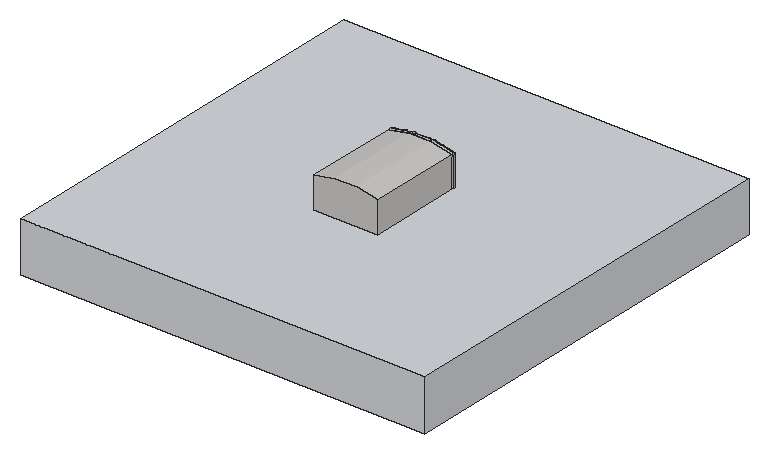
Revit family
Parameters (values of type "B-277")
  URL = "http://www.bobrick.com"
  Type Comments = "Satin Finish"
  Product Page URL = ""
  Model = "B-277 ConturaSeries"
  Manufacturer = "Bobrick Washroom Equipment, Inc."
  Finish Material = Stainless Steel - Bobrick - Satin
  Description = "Surface-Mounted Waste Receptacle"
  Default Elevation = 2' - 0"
  Assembly Code = "C1030200"
  ADA Compliant = yes
Reference planes (in)
  plane 1 "Center (Front/Back)": y = 0
  plane 2: z = 0
  plane 3 "Center (Left/Right)": x = 0
  plane 4 "Top": y = 11.5
  plane 5 "Right": x = 7.5625
  plane 6 "Left": x = -7.5625
  plane 7: y = -11.5
  plane 8: z = 8.5
  plane 9: z = 7.375
  plane 10: y = 10.6875
  plane 11: y = -11.4375
Forms (in)
  Extrusion 1, solid
    sketch origin (0, 0, 0) x (1, 0, 0) y (0, 1, 0)
      loop
        line (-48, 48) -> (-48, -48) -> (48, -48) -> (48, 48) -> (-48, 48)
    from 0 to -12
  Sweep 2, solid, material "Stainless Steel - Bobrick - Satin" <- "Finish Material"
    path origin (0, 0, 0) x (1, 0, 0) y (0, 0, 1)
      loop
        line (-7.5625, 7.375) -> (-7.5625, 0) -> (7.5625, 0) -> (7.5625, 7.375)
        arc (7.5625, 7.375) -> (0, 8.5) -> (-7.5625, 7.375) r 25.9809028
    profile origin (0, 0, 0) x (0, 0, 1) y (0, -1, 0)
      loop
        line (0, -10.6875) -> (0, -11.25)
        arc (0, -11.25) -> (0.0732233, -11.4267767) -> (0.25, -11.5) r 0.25
        line (0.25, -11.5) -> (0.3117671, -11.5) -> (0.3117671, -10.6875) -> (0, -10.6875)
  Extrusion 3, solid, material "Stainless Steel - Bobrick - Satin" <- "Finish Material"
    sketch origin (0, 0, 0) x (1, 0, 0) y (0, 0, 1)
      loop
        line (-7.2507329, 0.3117671) -> (7.2507329, 0.3117671) -> (7.2507329, 7.1428946)
        arc (7.2507329, 7.1428946) -> (0, 8.1882329) -> (-7.2507329, 7.1428946) r 25.6691356
        line (-7.2507329, 7.1428946) -> (-7.2507329, 0.3117671)
    from -11.5 to -10.6875
  Extrusion 4, solid, material "Stainless Steel - Bobrick - Satin" <- "Finish Material"
    sketch origin (0, 0, 0) x (1, 0, 0) y (0, 0, 1)
      loop
        line (-7.5625, 7.375) -> (-7.5625, 0) -> (7.5625, 0) -> (7.5625, 7.375)
        arc (7.5625, 7.375) -> (0, 8.5) -> (-7.5625, 7.375) r 25.9809028
    from -10.6875 to 11.4375
Cuts and joins
  joined: Sweep 2, Extrusion 3
Lines and regions (in)
  Masking region 1
    outline origin (0, 0, 0) x (1, 0, 0) y (0, 1, 0)
      loop
        line (-7.5625, -11.5) -> (7.5625, -11.5) -> (7.5625, 11.25)
        arc (7.5625, 11.25) -> (7.4892767, 11.4267767) -> (7.3125, 11.5) r 0.25
        line (7.3125, 11.5) -> (-7.3125, 11.5)
        arc (-7.3125, 11.5) -> (-7.4892767, 11.4267767) -> (-7.5625, 11.25) r 0.25
        line (-7.5625, 11.25) -> (-7.5625, -11.5)
  Masking region 2
    outline origin (0, 0, 0) x (0, 1, 0) y (0, 0, 1)
      loop
        line (-11.5, 0) -> (11.5, 0) -> (11.5, 8.25)
        arc (11.5, 8.25) -> (11.4267767, 8.4267767) -> (11.25, 8.5) r 0.25
        line (11.25, 8.5) -> (-11.5, 8.5) -> (-11.5, 0)
  Masking region 3
    outline origin (0, 0, 0) x (1, 0, 0) y (0, 0, 1)
      loop
        line (-7.5625, 7.375) -> (-7.5625, 0) -> (7.5625, 0) -> (7.5625, 7.375)
        arc (7.5625, 7.375) -> (0, 8.5) -> (-7.5625, 7.375) r 25.9809028
  symbolic lines, style "Restroom Accessories"
    curve 1: line (-7.5625, 10.6875, 0) -> (7.5625, 10.6875, 0)
    curve 2: line (0, 10.6875, 0) -> (0, 10.6875, 8.5)
Dimensions and locks (in)
  equal spacing: plane 6 "Left", plane 3 "Center (Left/Right)", plane 5 "Right"
  locked: plane 6 "Left" to plane 5 "Right" at 15.125
  equal spacing: plane 4 "Top", plane 1 "Center (Front/Back)", plane 7
  locked: plane 4 "Top" to plane 7 at 23
  locked: plane 8 to Extrusion 1 at 8.5
  locked: plane 9 to Extrusion 1 at 7.375
  locked: plane 4 "Top" to plane 10 at 0.8125
  locked: plane 11 to plane 7 at 0.0625
  locked: Extrusion 4 sketch curve to plane 2 at 8.5
  aligned and locked: Extrusion 1 to plane 2
  aligned and locked: level to Extrusion 1
  aligned and locked: plane 6 "Left" to Sweep 2 sketch curve
  aligned and locked: Sweep 2 sketch curve to Extrusion 1
  aligned and locked: plane 5 "Right" to Sweep 2 sketch curve
  aligned and locked: plane 4 "Top" to Sweep 2 sketch curve
  aligned and locked: Extrusion 3 sketch curve to Sweep 2  (x4)
  aligned and locked: plane 4 "Top" to Extrusion 3
  aligned and locked: Extrusion 4 sketch curve to cut or joined group of Sweep 2, Extrusion 3  (x3)
  aligned: Extrusion 4 to plane 7
  aligned: plane 11 to Extrusion 4
  aligned and locked: plane 4 "Top" to Masking region 1 sketch curve
  aligned and locked: plane 5 "Right" to Masking region 1 sketch curve
  aligned and locked: plane 8 to Masking region 2 sketch curve
  aligned and locked: plane 4 "Top" to Masking region 2 sketch curve
  aligned and locked: plane 6 "Left" to curve 1
  aligned and locked: plane 5 "Right" to curve 1
  aligned and locked: plane 6 "Left" to Masking region 1 sketch curve
  aligned and locked: Masking region 1 sketch curve to plane 7
  aligned and locked: Masking region 2 to plane 7
  aligned and locked: plane 2 to Masking region 2
  aligned and locked: Extrusion 4 sketch curve to plane 3 "Center (Left/Right)"
  aligned and locked: plane 9 to Extrusion 4 sketch curve  (x2)
  aligned and locked: Extrusion 4 to plane 11
  aligned and locked: Extrusion 4 to plane 10
  aligned and locked: Extrusion 3 to plane 10
  aligned and locked: Masking region 3 sketch curve to Extrusion 4  (x4)
Automatic sketch dimensions
  Extrusion 1 sketch curve to Extrusion 1 sketch curve = 8' - 0"  (x2)
  plane 3 "Center (Left/Right)" to Sweep 2 sketch curve = 0' - 0"
  Sweep 2 sketch curve to plane 9 = 0' - 0"
  Sweep 2 sketch curve to Sweep 2 sketch curve = 1' - 5.4809"
  Sweep 2 sketch curve to Sweep 2 sketch curve = 0' - 0 1/4"
  Sweep 2 sketch curve to Sweep 2 sketch curve = 0' - 0.06177"
  plane 10 to Masking region 2 sketch curve = 0' - 0 9/16"
  Masking region 2 sketch curve to level = 0' - 0"
  plane 7 to Masking region 2 sketch curve = 0' - 0"
  profile plane to Sweep 2 sketch curve = 0' - 0"
  Sweep 2 sketch curve to Sweep 2 sketch curve = 0' - 0 9/16"
  Masking region 1 sketch curve to plane 6 "Left" = 0' - 0 1/4"
  Masking region 1 sketch curve to plane 5 "Right" = 0' - 0 1/4"
  curve 2 to plane 8 = 0' - 0"
  curve 2 to level = 0' - 0"
  curve 1 to plane 10 = 0' - 0"
  curve 2 to plane 10 = 0' - 0"
